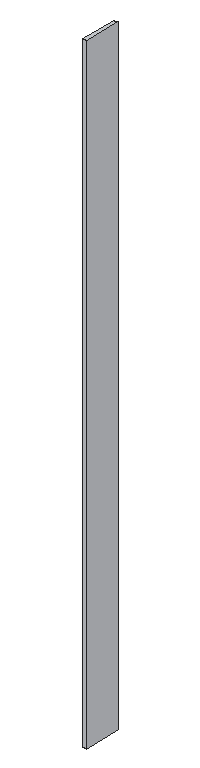
Revit family "StructuralColumns_RectangleProfile", category Structural Columns, Revit 2018
Family settings
  Section Shape = Rectangle
  Material for Model Behavior = Steel
  Always export as geometry = No
  Beam cutback in plan = From bounding box
  Cut with Voids When Loaded = No
  Symbolic Representation = From Project Settings
  Shared = No
  Show family pre-cut in plan views = Yes
Parameters (values of type "RectangleProfile")
  Width = 15 mm
  Structural Material [instance] = none
  Height = 150 mm
  Assembly Code = ""
Reference planes
  plane 1 "Center (Front/Back)": y = 0
  plane 2: z = 0
  plane 3 "Center (Left/Right)": x = 0
  plane 4: x = -7.5
  plane 5: x = 7.5
  plane 6: y = 75
  plane 7: y = -75
Forms (mm)
  Extrusion 1, solid, material <- "Structural Material", detail levels medium
    sketch origin (0, 0, 0) x (1, 0, 0) y (0, 1, 0)
      loop
        line (-7.5, 75) -> (-7.5, -75) -> (7.5, -75) -> (7.5, 75) -> (-7.5, 75)
    from 0 to 2500
  Extrusion 2, solid, material <- "Structural Material", detail levels fine
    sketch origin (0, 0, 0) x (1, 0, 0) y (0, 1, 0)
      loop
        line (-7.5, 75) -> (-7.5, -75) -> (7.5, -75) -> (7.5, 75) -> (-7.5, 75)
    from 0 to 2500
Lines and regions (mm)
  symbolic lines, style "StructuralColumnStickSymbols", detail levels coarse
    curve 1: line (-7.5, 75, 0) -> (7.5, 75, 0)
    curve 2: line (-7.5, -75, 0) -> (7.5, -75, 0)
    curve 3: line (-7.5, 75, 0) -> (-7.5, -75, 0)
    curve 4: line (7.5, 75, 0) -> (7.5, -75, 0)
Dimensions and locks
  equal spacing: plane 4, plane 3 "Center (Left/Right)", plane 5
  equal spacing: plane 7, plane 1 "Center (Front/Back)", plane 6
  "Height": plane 7 to plane 6
  "Width": plane 4 to plane 5
  aligned and locked: plane 6 to Extrusion 1 sketch curve
  aligned and locked: Extrusion 1 sketch curve to plane 7
  aligned and locked: Extrusion 1 sketch curve to plane 4
  aligned and locked: plane 5 to Extrusion 1 sketch curve
  aligned and locked: level to Extrusion 1
  aligned and locked: level to plane 2
  aligned and locked: Extrusion 1 to plane 2
  aligned and locked: level to Extrusion 2
  aligned and locked: Extrusion 2 to level
  aligned and locked: Extrusion 2 sketch curve to Extrusion 1  (x4)
Automatic sketch dimensions
  curve 3 to plane 4 = 0 mm
  curve 2 to plane 5 = 0 mm
  curve 3 to plane 7 = 0 mm
  curve 3 to plane 6 = 0 mm
